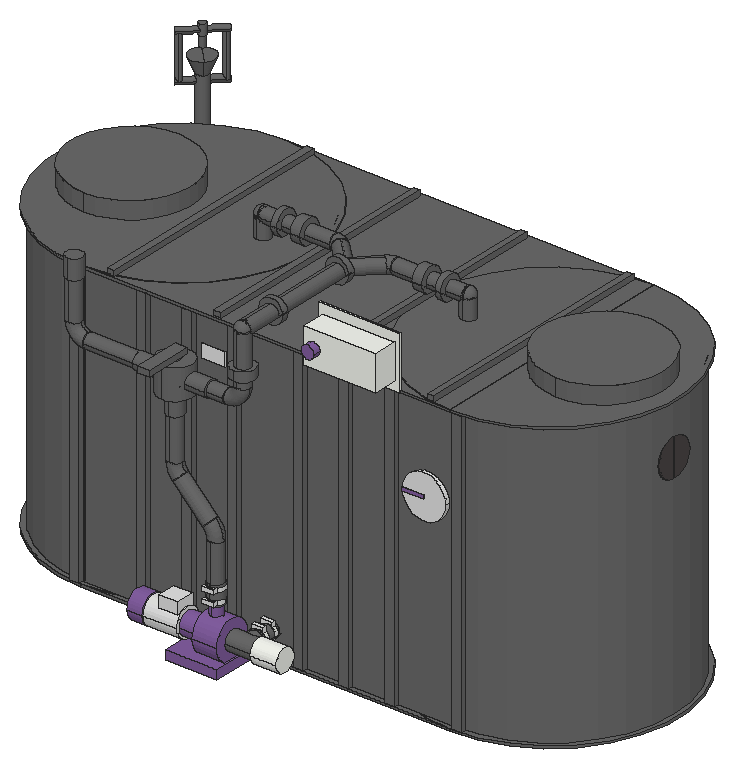
Revit family "93015.01_ms", category Generic Models, Revit 2021
Family settings
  Can host rebar = No
  Round Connector Dimension = Use Diameter
  Part Type = Normal
  Work Plane-Based = No
  Always vertical = Yes
  Cut with Voids When Loaded = No
  Shared = Yes
  Room Calculation Point = No
Parameters (values of type "93015.01_MS")
  SUPPLIER = "KESSEL"
  SA810ID03 = "93015.01/MS"
  SA71009ID06 = 3000 W
  SA71009ID05 = 3600 W
  SA71009ID04 = 2
  SA700ID17 = 1200 mm
  SA700ID14 = "ohne Angabe"
  SA700ID13 = 70 mm
  SA700ID09 = 1625 mm
  SA700ID08 = 1350 mm
  SA700ID07 = 3300 mm
  SA700ID06 = 1500
  SA700ID05 = 15
  SA700ID04 = "Grease separator EasyClean free NS 15, Mix & Pump"
  SA500ID03 = "Sludge trap, integrated"
  SA400ID03 = "PE (Polyethylen)"
  SA250ID03 = "temperierte Umhausung"
  SA200ID03 = "free-standing set-up"
  SA100ID04 = "Abscheideranlage für Fette (Schlammfang und Fettabscheider)"
  NN = "EasyClean free Mix & Pump grease separator"
  NBSYN = "$SA810ID03."
  NB = "93015.01/MS"
  Model = "93015.01/MS"
  Manufacturer = "KESSEL"
  MIdent = "{$CADENAS_DATA/23d-libs/kessel/kessel_vdi_import/40/abscheideranlage20fuer20fette/easyclean_free_mix_pump.prj},210 {STYP=ASS},{VTYP=3D},{NB=93015.01/MS},{LINA=93015.01/MS},{NN=EasyClean free Mix & Pump grease separator},{DATE=21.12.2022 12:04:43},{GEOMDATE=17.11.2022 09:57:07},{VERSION=},{LINEID=250},{WBVAR=},{WBNUMERIC=}  {NB=93015.01/MS},{LINA=93015.01/MS},{KT=DUMMY},{PREVIEW=../../bilder/pb_yy_9302001ms_7448.png},{SA700ID04=Fettabscheider EasyClean free NS 15, Mix & Pump},{SA810ID06=},{SA010ID04=KESSEL AG},{SA810ID03=93015.01/MS},{SA100ID04=Abscheideranlage für Fette (Schlammfang und Fettabscheider)},{SA200ID03=Freiaufstellung},{SA400ID03=PE (Polyethylen)},{SA500ID03=Schlammfang integriert},{SA700ID05=15.00},{SA700ID06=1500},{SA71009ID04=2},{SA71009ID05=3.60},{SA71009ID06=3.00},{SA250ID03=temperierte Umhausung},{SA700ID07=3300},{SA700ID09=1625},{SA700ID13=70},{SA700ID17=1200},{SA700ID08=1350},{SA810ID10=\\\"Der Abscheider für fetthaltiges Abwasser ist für die freie Aufstellung in frostgeschützten Räumen geeignet und verzichtet auf metallische Bauteile im Behälter. Der Sammelbehälter aus dauerhaft beständigem Kunststoff (PE) ist mit einem integrierten Schlammfang ausgestattet und besitzt Schrägen im Behälterboden für eine schnelle und saubere Entsorgung. Zwei geruchsdichte Deckel mit Schnellspannverschlüssen ermöglichen einen einfachen Zugang für Reinigungs- und Wartungsarbeiten.Das innovative Schredder-Mix-System mit integriertem Zerhacker übernimmt die Homogenisierung und Umwälzung des Behälterinhaltes. Die Reinigung und geruchsneutrale Entsorgung erfolgt dabei über eine außenliegende Pumpe mit 2-Wege-Ventil und Umschalthebel, die mit einem Absperrschieber vom Behälter getrennt werden kann.Die manuelle Steuerung erfolgt durch ein anwenderfreundliches Schaltgerät, das über einen potentialfreien Kontakt in die Gebäudeleittechnik eingebunden werden kann.Gewährleistung auf den Werkstoff PE 20 Jahre.Ausführung:Absperreinrichtung: jaEntsorgungsart: manuelles Entsorgungs- und ReinigungssystemEntsorgungseinrichtung: EntsorgungspumpeEntsorgungsvariante: Mix & PumpFülleinrichtung nach DIN 1988: jaNenngröße (NS): 15Schauglas: jaSchredder-Mix-System: jaSonicControl: neinWasserversorgung: 1 Schraubventil 1\\\"\\\"Tragfähigkeit (DIN 19901): F3Lieferumfang: Storz-B-Kupplung R 2 1/2 \\\"\\\" für SaugwagenanschlussEinbausituation: freie AufstellungAllgemeine Merkmale:Material: PENorm: EN 1825: 2004, DIN 4040-100Abmessungen:Aufstellfläche Länge: 3.560 mmAufstellfläche Breite: 1.620 mmAufstellfläche Höhe: 1.655 mmEinbringmaß Länge: 3.300 mmEinbringmaß Breite: 1.350 mmEinbringmaß Höhe: 1.625 mmBehälter/Grundkörper:Zulauf Nennweite (DN): 200 mmZulauf Nennweite (DA): 200 mmAuslauf Nennweite (DN): 200Auslauf Nennweite (DA): 200Abstand Rohrsohle Zulauf zu Behälterboden: 1.200 mmAbstand Rohrsohle Auslauf zu Behälterboden: 1.130 mmAnschluss Zu-/Auslaufstutzen: PE-HD-Rohre nach DIN 19537, HT-Rohre nach DIN 19560, PP oder ASDruckabgang (DA): 75 mmDruckabgang (DN): 65 mmNenndruck (PN): 10Abdeckungsmerkmale:Abdeckungsart: DeckelAbdeckung Material: KunststoffAbdeckung Farbe: schwarzDichtheit: geruchsdichtVerriegelung: SchnellspannverschlussAbwasserinhalt:Abscheiderinhalt: 1.100 lGesamtvolumen: 2.600 lSchlammfanginhalt: 1.500 lSpeichermenge an Fett: 600 lFördereinrichtung:Pumpe: SPF 300 KE 2.0Anzahl Pumpen: 2Förderhöhe max.: 17 mFörderleistung max.: 60 m3/hBetriebsspannung: 400 VNetzfrequenz: 50 HzBetriebsart: S2 - 30 Min.Leistung P1: 3,6 kWLeistung P2: 3 kWDrehzahl: 2.850 U/minErforderliche Absicherung (Leitungsschutz): Absicherung über Schaltgerät 400 VFörderguttemperatur (dauerhaft) max.: 40 °CAnschlusstyp: DirektanschlussGewicht: 44 kgLaufrad Typ: Radiallaufrad mit ZerhackerLänge Netzanschlussleitung Pumpe: 5 mNennstrom: 6,2 ASchutzart Pumpe: IP 55Schutzklasse: ITyp Anschlussleitung Pumpe: H07RN-F 7G 1,5 mm2Temperaturüberwachung: integriertSteuerung:Schaltgerät: jaBetriebsspannung: 400 VNetzfrequenz: 50 HzSelbstdiagnosesystem (SDS): jaBatteriepufferung: neinMehrzeilige Displayanzeige: neinLogbuchfunktion: neinUSB-Schnittstelle: neinGSM-Schnittstelle: neinPotentialfreier Kontakt: jaErforderliche Absicherung (Leitungsschutz): 3 x C 16 AErforderliche Absicherung (RCD): 30 mAMotorschutz Schalter: jaSchutzart Schaltgerät: IP 54\\\"},{SA700ID14=ohne Angabe},{LODLEVEL=0},{CATEGORY3AA=EasyClean free Auto Mix & Pump},{CATEGORY3AB=EasyClean free Mix & Pump},{CATEGORY3AC=},{CATEGORY3AD=},{CATEGORY3AE=},{CATEGORY3AF=},{BEZEICHNUNG=},{BREITE=0.0},{TIEFE=MIN},{HOEHE=MIN},{MASSE=MIN},{LOD_=0,'Low'},{LOD_DEU=0,'Low'},{LOD_3DB=93015.01/MS_0},{DNIN1=200},{DNIN2=10},{DNIN3=10},{DNIN4=10},{DNIN5=10},{DNIN6=10},{DNIN7=MIN},{DNOUT1=200},{DNOUT2=MIN},{ISD=100},{ISD2=10},{SA960ID03=104},{SA960ID04=3L},{SA960ID08=http://www.kessel.de/info?han=93015.01/MS},{SA010ID01=010},{SA010ID02=40},{SA010ID06=www.kessel.de},{SA010ID08=4026092000007},{SA100ID01=100},{SA100ID02=1},{SA740ID01=740},{SA200ID01=200},{SA200ID02=1},{SA250ID01=250},{SA250ID02=1},{SA400ID01=400},{SA400ID02=1},{SA500ID01=500},{SA500ID02=1},{SA700ID01=700},{SA700ID02=104},{SA700ID14_=0},{SA71009ID01=710.09},{SA71009ID02=1},{SA71009ID03=SPF 300 KE 2.0},{SA71009ID07=IP55},{SA71009ID08=1},{SA71009ID09=1},{SA71009ID10=60},{SA71009ID11=17},{SA810ID01=810},{SA810ID02=104},{SA810ID04=93015.01/MS},{SA810ID07=104},{SA810ID14=PCE},{LINK=http://www.kessel.de/info?han=93015.01/MS},{LINK_=http://www.kessel.de/info?han=93015.01/MS},{LINK_DEU=http://www.kessel.de/info?han=93015.01/MS},{LODLEVELVIS=Low}"
  LINK = "http://www.kessel.de/info?han=93015.01/MS"
  LINA = "93015.01/MS"
  Default Elevation = 0 mm
  CREATOR = "CADENAS GmbH"
  CATALOG = "KESSEL"
  BOMINFO = "LINA"
  ARTICLENO = "NB"
Reference planes
  plane 1 "Center (Front/Back)": y = 0
  plane 2: z = 0
  plane 3 "Center (Left/Right)": x = 0
Forms (mm)
  Extrusion 1, void
    sketch origin (665.75, 1782.7, 0) x (0, -0.57735, -0.816496) y (1, 0, 0)
      loop
        line (-0.5, -0.5) -> (0.5, -0.5) -> (0.5, 0.5) -> (-0.5, 0.5) -> (-0.5, -0.5)
    from 0 to 1
Dimensions and locks
  aligned and locked: level to plane 2
Nested families
  nested 1: "93015.01_ms_content" at (0, 0, 0), type "93015.01_MS_Content"
  nested 2: "93015.01_ms_part1_X0Y0" at (0, 0, 0), type "93015.01_MS_PART1_X0Y0"
Connectors
  piping at (-1625.5, 0, 1300), diameter 200
    settings: on nested 2, index 1, connector inside diameter 609.6 mm, connector length 0 mm, flow factor 0, pipe flow 0.0 L/s, pressure drop 0.0 Pa, fitting loss kfactor 0, connector angle 0.00°, fixture units 0, engagement length 0 mm, angle of deflection 0.00°, flow configuration 0, flow direction 1, fitting loss method 2, system type 8, joint type 0, gender type 0, connector reference index -1, connector utility 0, adjustable connector no, is connector primary yes, connector description ""
  piping at (-1405, 665.75, 1935.25), diameter 10
    settings: on nested 2, index 2, connector inside diameter 609.6 mm, connector length 0 mm, flow factor 0, pipe flow 0.0 L/s, pressure drop 0.0 Pa, fitting loss kfactor 0, connector angle 0.00°, fixture units 0, engagement length 0 mm, angle of deflection 0.00°, flow configuration 0, flow direction 1, fitting loss method 2, system type 8, joint type 0, gender type 0, connector reference index -1, connector utility 0, adjustable connector no, is connector primary no, connector description ""
  piping at (665.75, 1782.7, 0), diameter 10
    settings: on Extrusion 1, index 3, connector inside diameter 609.6 mm, connector length 0 mm, flow factor 0, pipe flow 0.0 L/s, pressure drop 0.0 Pa, fitting loss kfactor 0, connector angle 0.00°, fixture units 0, engagement length 0 mm, angle of deflection 0.00°, flow configuration 0, flow direction 1, fitting loss method 2, system type 8, joint type 0, gender type 0, connector reference index -1, connector utility 0, adjustable connector no, is connector primary no, connector description ""
  piping at (1625.5, 0, 1230), diameter 200
    settings: on nested 2, index 4, connector inside diameter 609.6 mm, connector length 0 mm, flow factor 0, pipe flow 0.0 L/s, pressure drop 0.0 Pa, fitting loss kfactor 0, connector angle 0.00°, fixture units 0, engagement length 0 mm, angle of deflection 0.00°, flow configuration 0, flow direction 2, fitting loss method 2, system type 7, joint type 0, gender type 0, connector reference index -1, connector utility 0, adjustable connector no, is connector primary no, connector description ""
  electrical at (-353.5, -823.5, 248.5)
    settings: on nested 2, index 5, voltage 0 V, apparent load 0 VA, apparent load phase1 0 VA, apparent load phase2 0 VA, apparent load phase3 0 VA, power factor 1, load classification "Other", number of poles 1, system type 31, power factor state 1, is connector primary yes, connector utility no, sub classification motor no, connector description ""
Definition of nested family "93015.01_ms_part1_X0Y0"
  Parameters (values of type "93015.01_MS_PART1_X0Y0")
    SUPPLIER = "KESSEL"
    SA810ID03 = "93015.01/MS"
    SA71009ID06 = 3000 W
    SA71009ID05 = 3600 W
    SA71009ID04 = 2
    SA700ID17 = 1200 mm
    SA700ID14 = "ohne Angabe"
    SA700ID13 = 70 mm
    SA700ID09 = 1625 mm
    SA700ID08 = 1350 mm
    SA700ID07 = 3300 mm
    SA700ID06 = 1500
    SA700ID05 = 15
    SA700ID04 = "Grease separator EasyClean free NS 15, Mix & Pump"
    SA500ID03 = "Sludge trap, integrated"
    SA400ID03 = "PE (Polyethylen)"
    SA250ID03 = "temperierte Umhausung"
    SA200ID03 = "free-standing set-up"
    SA100ID04 = "Abscheideranlage für Fette (Schlammfang und Fettabscheider)"
    NBSYN = "$SA810ID03._PART1"
    NB = "93015.01/MS_PART1"
    Model = "93015.01/MS_PART1"
    Manufacturer = "KESSEL"
    MIdent = "{$CADENAS_DATA/23d-libs/kessel/kessel_vdi_import/40/abscheideranlage20fuer20fette/easyclean_free_mix_pump.prj},230 {VTYP=3D},{NB=93015.01/MS_PART1},{LINA=93015.01/MS_PART1},{NN=EasyClean free Mix & Pump grease separator_PART1},{NOPRJ=TRUE},{DATE=21.12.2022 12:04:43},{GEOMDATE=17.11.2022 09:57:07},{VERSION=},{LINEID=250},{WBVAR=},{WBNUMERIC=}  {NB=93015.01/MS_PART1},{LINA=93015.01/MS_PART1},{KT=DUMMY},{PREVIEW=../../bilder/pb_yy_9302001ms_7448.png},{SA700ID04=Fettabscheider EasyClean free NS 15, Mix & Pump},{SA810ID06=},{SA010ID04=KESSEL AG},{SA810ID03=93015.01/MS},{SA100ID04=Abscheideranlage für Fette (Schlammfang und Fettabscheider)},{SA200ID03=Freiaufstellung},{SA400ID03=PE (Polyethylen)},{SA500ID03=Schlammfang integriert},{SA700ID05=15.00},{SA700ID06=1500},{SA71009ID04=2},{SA71009ID05=3.60},{SA71009ID06=3.00},{SA250ID03=temperierte Umhausung},{SA700ID07=3300},{SA700ID09=1625},{SA700ID13=70},{SA700ID17=1200},{SA700ID08=1350},{SA810ID10=\\\"Der Abscheider für fetthaltiges Abwasser ist für die freie Aufstellung in frostgeschützten Räumen geeignet und verzichtet auf metallische Bauteile im Behälter. Der Sammelbehälter aus dauerhaft beständigem Kunststoff (PE) ist mit einem integrierten Schlammfang ausgestattet und besitzt Schrägen im Behälterboden für eine schnelle und saubere Entsorgung. Zwei geruchsdichte Deckel mit Schnellspannverschlüssen ermöglichen einen einfachen Zugang für Reinigungs- und Wartungsarbeiten.Das innovative Schredder-Mix-System mit integriertem Zerhacker übernimmt die Homogenisierung und Umwälzung des Behälterinhaltes. Die Reinigung und geruchsneutrale Entsorgung erfolgt dabei über eine außenliegende Pumpe mit 2-Wege-Ventil und Umschalthebel, die mit einem Absperrschieber vom Behälter getrennt werden kann.Die manuelle Steuerung erfolgt durch ein anwenderfreundliches Schaltgerät, das über einen potentialfreien Kontakt in die Gebäudeleittechnik eingebunden werden kann.Gewährleistung auf den Werkstoff PE 20 Jahre.Ausführung:Absperreinrichtung: jaEntsorgungsart: manuelles Entsorgungs- und ReinigungssystemEntsorgungseinrichtung: EntsorgungspumpeEntsorgungsvariante: Mix & PumpFülleinrichtung nach DIN 1988: jaNenngröße (NS): 15Schauglas: jaSchredder-Mix-System: jaSonicControl: neinWasserversorgung: 1 Schraubventil 1\\\"\\\"Tragfähigkeit (DIN 19901): F3Lieferumfang: Storz-B-Kupplung R 2 1/2 \\\"\\\" für SaugwagenanschlussEinbausituation: freie AufstellungAllgemeine Merkmale:Material: PENorm: EN 1825: 2004, DIN 4040-100Abmessungen:Aufstellfläche Länge: 3.560 mmAufstellfläche Breite: 1.620 mmAufstellfläche Höhe: 1.655 mmEinbringmaß Länge: 3.300 mmEinbringmaß Breite: 1.350 mmEinbringmaß Höhe: 1.625 mmBehälter/Grundkörper:Zulauf Nennweite (DN): 200 mmZulauf Nennweite (DA): 200 mmAuslauf Nennweite (DN): 200Auslauf Nennweite (DA): 200Abstand Rohrsohle Zulauf zu Behälterboden: 1.200 mmAbstand Rohrsohle Auslauf zu Behälterboden: 1.130 mmAnschluss Zu-/Auslaufstutzen: PE-HD-Rohre nach DIN 19537, HT-Rohre nach DIN 19560, PP oder ASDruckabgang (DA): 75 mmDruckabgang (DN): 65 mmNenndruck (PN): 10Abdeckungsmerkmale:Abdeckungsart: DeckelAbdeckung Material: KunststoffAbdeckung Farbe: schwarzDichtheit: geruchsdichtVerriegelung: SchnellspannverschlussAbwasserinhalt:Abscheiderinhalt: 1.100 lGesamtvolumen: 2.600 lSchlammfanginhalt: 1.500 lSpeichermenge an Fett: 600 lFördereinrichtung:Pumpe: SPF 300 KE 2.0Anzahl Pumpen: 2Förderhöhe max.: 17 mFörderleistung max.: 60 m3/hBetriebsspannung: 400 VNetzfrequenz: 50 HzBetriebsart: S2 - 30 Min.Leistung P1: 3,6 kWLeistung P2: 3 kWDrehzahl: 2.850 U/minErforderliche Absicherung (Leitungsschutz): Absicherung über Schaltgerät 400 VFörderguttemperatur (dauerhaft) max.: 40 °CAnschlusstyp: DirektanschlussGewicht: 44 kgLaufrad Typ: Radiallaufrad mit ZerhackerLänge Netzanschlussleitung Pumpe: 5 mNennstrom: 6,2 ASchutzart Pumpe: IP 55Schutzklasse: ITyp Anschlussleitung Pumpe: H07RN-F 7G 1,5 mm2Temperaturüberwachung: integriertSteuerung:Schaltgerät: jaBetriebsspannung: 400 VNetzfrequenz: 50 HzSelbstdiagnosesystem (SDS): jaBatteriepufferung: neinMehrzeilige Displayanzeige: neinLogbuchfunktion: neinUSB-Schnittstelle: neinGSM-Schnittstelle: neinPotentialfreier Kontakt: jaErforderliche Absicherung (Leitungsschutz): 3 x C 16 AErforderliche Absicherung (RCD): 30 mAMotorschutz Schalter: jaSchutzart Schaltgerät: IP 54\\\"},{SA700ID14=ohne Angabe},{LODLEVEL=0},{CATEGORY3AA=EasyClean free Auto Mix & Pump},{CATEGORY3AB=EasyClean free Mix & Pump},{CATEGORY3AC=},{CATEGORY3AD=},{CATEGORY3AE=},{CATEGORY3AF=},{BEZEICHNUNG=},{BREITE=0.0},{TIEFE=MIN},{HOEHE=MIN},{MASSE=MIN},{LOD_=0,'Low'},{LOD_DEU=0,'Low'},{LOD_3DB=93015.01/MS_0},{DNIN1=200},{DNIN2=10},{DNIN3=10},{DNIN4=10},{DNIN5=10},{DNIN6=10},{DNIN7=MIN},{DNOUT1=200},{DNOUT2=MIN},{ISD=100},{ISD2=10},{SA960ID03=104},{SA960ID04=3L},{SA960ID08=http://www.kessel.de/info?han=93015.01/MS},{SA010ID01=010},{SA010ID02=40},{SA010ID06=www.kessel.de},{SA010ID08=4026092000007},{SA100ID01=100},{SA100ID02=1},{SA740ID01=740},{SA200ID01=200},{SA200ID02=1},{SA250ID01=250},{SA250ID02=1},{SA400ID01=400},{SA400ID02=1},{SA500ID01=500},{SA500ID02=1},{SA700ID01=700},{SA700ID02=104},{SA700ID14_=0},{SA71009ID01=710.09},{SA71009ID02=1},{SA71009ID03=SPF 300 KE 2.0},{SA71009ID07=IP55},{SA71009ID08=1},{SA71009ID09=1},{SA71009ID10=60},{SA71009ID11=17},{SA810ID01=810},{SA810ID02=104},{SA810ID04=93015.01/MS},{SA810ID07=104},{SA810ID14=PCE},{LINK=http://www.kessel.de/info?han=93015.01/MS},{LINK_=http://www.kessel.de/info?han=93015.01/MS},{LINK_DEU=http://www.kessel.de/info?han=93015.01/MS},{LODLEVELVIS=Low}"
    LINK = "http://www.kessel.de/info?han=93015.01/MS"
    LINA = "93015.01/MS_PART1"
    Default Elevation = 1219.2 mm
    CREATOR = "CADENAS GmbH"
    CATALOG = "KESSEL"
    BOMINFO = "LINA"
    ARTICLENO = "NB"
  Reference planes
    plane 1 "Center (Front/Back)": y = 0
    plane 2: z = 0
    plane 3 "Center (Left/Right)": x = 0
  Dimensions and locks
    aligned and locked: level to plane 2
  Nested families
    nested 1: "93015.01_ms_part1_content" at (0, 0, 0), type "93015.01_MS_PART1_Content"
  Definition of nested family "93015.01_ms_part1_content"
    Parameters (values of type "93015.01_MS_PART1_Content")
      SUPPLIER = "KESSEL"
      SA810ID03 = "93015.01/MS"
      SA71009ID06 = 3000 W
      SA71009ID05 = 3600 W
      SA71009ID04 = 2
      SA700ID17 = 1200 mm
      SA700ID14 = "ohne Angabe"
      SA700ID13 = 70 mm
      SA700ID09 = 1625 mm
      SA700ID08 = 1350 mm
      SA700ID07 = 3300 mm
      SA700ID06 = 1500
      SA700ID05 = 15
      SA700ID04 = "Grease separator EasyClean free NS 15, Mix & Pump"
      SA500ID03 = "Sludge trap, integrated"
      SA400ID03 = "PE (Polyethylen)"
      SA250ID03 = "temperierte Umhausung"
      SA200ID03 = "free-standing set-up"
      SA100ID04 = "Abscheideranlage für Fette (Schlammfang und Fettabscheider)"
      NBSYN = "$SA810ID03._PART1"
      NB = "93015.01/MS_PART1"
      Model = "93015.01/MS_PART1"
      Manufacturer = "KESSEL"
      LINK = "http://www.kessel.de/info?han=93015.01/MS"
      LINA = "93015.01/MS_PART1"
      Default Elevation = 1219.2 mm
      CREATOR = "CADENAS GmbH"
      CATALOG = "KESSEL"
      BOMINFO = "LINA"
      ARTICLENO = "NB"
    Reference planes
      plane 1 "Center (Front/Back)": y = 0
      plane 2: z = 0
      plane 3 "Center (Left/Right)": x = 0
    Forms (mm)
      Extrusion 1, solid, detail levels medium+fine
        sketch origin (975, 675, 0) x (0, -1, 0) y (0, 0, 1)
          loop
            line (0, 12) -> (0, 0) -> (1350, 0) -> (1350, 12) -> (0, 12)
        from 0 to 1950
      Extrusion 2, solid, detail levels medium+fine
        sketch origin (975, 650, 12) x (0, -1, 0) y (0, 0, 1)
          loop
            line (0, 1500) -> (0, 0) -> (1300, 0) -> (1300, 1500) -> (0, 1500)
        from 0 to 1950
      Extrusion 3, solid, detail levels medium+fine
        sketch origin (150, -675, 12) x (0, 1, 0) y (0, 0, 1)
          loop
            line (0, 1500) -> (0, 0) -> (25, 0) -> (25, 1500) -> (0, 1500)
        from 0 to 50
      Extrusion 4, solid, detail levels medium+fine
        sketch origin (-150, -650, 12) x (0, -1, 0) y (0, 0, 1)
          loop
            line (0, 1500) -> (0, 0) -> (25, 0) -> (25, 1500) -> (0, 1500)
        from 0 to 50
      Extrusion 5, solid, detail levels medium+fine
        sketch origin (150, 650, 12) x (0, 1, 0) y (0, 0, 1)
          loop
            line (0, 1500) -> (0, 0) -> (25, 0) -> (25, 1500) -> (0, 1500)
        from 0 to 50
      Extrusion 6, solid, detail levels medium+fine
        sketch origin (-150, 675, 12) x (0, -1, 0) y (0, 0, 1)
          loop
            line (0, 1500) -> (0, 0) -> (25, 0) -> (25, 1500) -> (0, 1500)
        from 0 to 50
      Extrusion 7, solid, detail levels medium+fine
        sketch origin (975, 675, 1512) x (0, -1, 0) y (0, 0, 1)
          loop
            line (0, 12) -> (0, 0) -> (1350, 0) -> (1350, 12) -> (0, 12)
        from 0 to 1950
      Extrusion 8, solid, detail levels medium+fine
        sketch origin (-282.5, -660, 1549) x (1, 0, 0) y (0, -1, 0)
          loop
            line (35, 0) -> (0, 0) -> (0, -1320) -> (35, -1320) -> (35, 0)
        from 0 to 35
      Extrusion 9, solid, detail levels medium+fine
        sketch origin (282.5, -660, 1549) x (1, 0, 0) y (0, -1, 0)
          loop
            line (35, 0) -> (0, 0) -> (0, -1320) -> (35, -1320) -> (35, 0)
        from 0 to 35
      Extrusion 10, solid, detail levels medium+fine
        sketch origin (543.5, -11.7, 1629.098) x (1, 0, 0) y (0, -1, 0)
          loop
            circle (0, 0) r 37.5
        from 0 to 120
      Revolve 11, solid, detail levels medium+fine
        sketch origin (543.5, -11.7, 1629) x (0, 1, 0) y (0, 0, 1)
          loop
            line (0, 37.6) -> (0, -37.6)
            arc (0, -37.6) -> (37.6, 0) -> (0, 37.6) r 37.6
          axis (0, -37.6) -> (0, 37.6)
        angle from -360 to 0
      Extrusion 12, solid, detail levels medium+fine
        sketch origin (161.5, -11.7, 1629) x (0, 1, 0) y (0, 0, 1)
          loop
            circle (0, 0) r 38
        from 0 to 382.5
      Extrusion 13, solid, detail levels medium+fine
        sketch origin (297.5, -11.779, 1629.098) x (0, 1, 0) y (0, 0, 1)
          loop
            circle (0, 0) r 62.5
        from 0 to 50
      Extrusion 14, solid, detail levels medium+fine
        sketch origin (420.073, -11.779, 1629.098) x (0, 1, 0) y (0, 0, 1)
          loop
            circle (0, 0) r 62.5
        from 0 to 30
      Extrusion 15, solid, detail levels medium+fine
        sketch origin (975, 0, 1512) x (0, 1, 0) y (-1, 0, 0)
          loop
            circle (0, 0) r 675
        from 0 to 12
      Extrusion 16, solid, detail levels medium+fine
        sketch origin (847.5, -660, 1549) x (1, 0, 0) y (0, -1, 0)
          loop
            line (35, 0) -> (0, 0) -> (0, -1320) -> (35, -1320) -> (35, 0)
        from 0 to 35
      Extrusion 17, solid, detail levels medium+fine
        sketch origin (1250, 0, 1524) x (0, 1, 0) y (-1, 0, 0)
          loop
            circle (0, 0) r 315
        from 0 to 90.5
      Extrusion 18, solid, detail levels medium+fine
        sketch origin (-543.574, -11.779, 1630.932) x (1, 0, 0) y (0, -1, 0)
          loop
            circle (0, 0) r 37.5
        from 0 to 119
      Revolve 19, solid, detail levels medium+fine
        sketch origin (-543.574, -11.779, 1630.932) x (0, 1, 0) y (0, 0, -1)
          loop
            line (0, 37.5) -> (0, -37.5)
            arc (0, -37.5) -> (37.5, 0) -> (0, 37.5) r 37.5
          axis (0, -37.5) -> (0, 37.5)
        angle from -360 to 0
      Extrusion 20, solid, detail levels medium+fine
        sketch origin (-161.574, -11.779, 1630.932) x (0, 1, 0) y (0, 0, -1)
          loop
            circle (0, 0) r 37.5
        from 0 to 382
      Extrusion 21, solid, detail levels medium+fine
        sketch origin (-297.5, -11.779, 1630.932) x (0, 1, 0) y (0, 0, -1)
          loop
            circle (0, 0) r 62.5
        from 0 to 50
      Extrusion 22, solid, detail levels medium+fine
        sketch origin (-420.074, -11.779, 1630.932) x (0, 1, 0) y (0, 0, -1)
          loop
            circle (0, 0) r 62.5
        from 0 to 30
      Extrusion 23, solid, detail levels medium+fine
        sketch origin (-975, 0, 1512) x (0, 1, 0) y (-1, 0, 0)
          loop
            circle (0, 0) r 675
        from 0 to 12
      Extrusion 24, solid, detail levels medium+fine
        sketch origin (-847.5, -660, 1549) x (1, 0, 0) y (0, -1, 0)
          loop
            line (35, 0) -> (0, 0) -> (0, -1320) -> (35, -1320) -> (35, 0)
        from 0 to 35
      Extrusion 25, solid, detail levels medium+fine
        sketch origin (-1250, 0, 1524) x (0, 1, 0) y (-1, 0, 0)
          loop
            circle (0, 0) r 315
        from 0 to 90.5
      Extrusion 26, solid, detail levels medium+fine
        sketch origin (975, 0, 12) x (0, 1, 0) y (-1, 0, 0)
          loop
            circle (0, 0) r 650
        from 0 to 1500
      Extrusion 27, solid, detail levels medium+fine
        sketch origin (987, -674, 12) x (0, 1, 0) y (0, 0, 1)
          loop
            line (0, 1500) -> (0, 0) -> (25, 0) -> (25, 1500) -> (0, 1500)
        from 0 to 50
      Extrusion 28, solid, detail levels medium+fine
        sketch origin (987, 651, 12) x (0, 1, 0) y (0, 0, 1)
          loop
            line (0, 1500) -> (0, 0) -> (25, 0) -> (25, 1500) -> (0, 1500)
        from 0 to 50
      Extrusion 29, solid, detail levels medium+fine
        sketch origin (633, -675, 12) x (0, 1, 0) y (0, 0, 1)
          loop
            line (0, 1500) -> (0, 0) -> (25, 0) -> (25, 1500) -> (0, 1500)
        from 0 to 50
      Extrusion 30, solid, detail levels medium+fine
        sketch origin (633, 650, 12) x (0, 1, 0) y (0, 0, 1)
          loop
            line (0, 1500) -> (0, 0) -> (25, 0) -> (25, 1500) -> (0, 1500)
        from 0 to 50
      Extrusion 31, solid, detail levels medium+fine
        sketch origin (837, -650, 1060) x (1, 0, 0) y (0, 0, 1)
          loop
            circle (0, 0) r 115
        from 0 to 20
      Extrusion 32, solid, detail levels medium+fine
        sketch origin (837, -670, 1050) x (0, -1, 0) y (0, 0, 1)
          loop
            line (0, 20) -> (0, 0) -> (5, 0) -> (5, 20) -> (0, 20)
        from 0 to 115
      Extrusion 33, solid, detail levels medium+fine
        sketch origin (975, 0, 0) x (0, 1, 0) y (-1, 0, 0)
          loop
            circle (0, 0) r 675
        from 0 to 12
      Extrusion 34, solid, detail levels medium+fine
        sketch origin (-975, 0, 12) x (0, 1, 0) y (-1, 0, 0)
          loop
            circle (0, 0) r 650
        from 0 to 1500
      Extrusion 35, solid, detail levels medium+fine
        sketch origin (-987, -651, 12) x (0, -1, 0) y (0, 0, 1)
          loop
            line (0, 1500) -> (0, 0) -> (25, 0) -> (25, 1500) -> (0, 1500)
        from 0 to 50
      Extrusion 36, solid, detail levels medium+fine
        sketch origin (-987, 674, 12) x (0, -1, 0) y (0, 0, 1)
          loop
            line (0, 1500) -> (0, 0) -> (25, 0) -> (25, 1500) -> (0, 1500)
        from 0 to 50
      Extrusion 37, solid, detail levels medium+fine
        sketch origin (-633, -650, 12) x (0, -1, 0) y (0, 0, 1)
          loop
            line (0, 1500) -> (0, 0) -> (25, 0) -> (25, 1500) -> (0, 1500)
        from 0 to 50
      Extrusion 38, solid, detail levels medium+fine
        sketch origin (-633, 675, 12) x (0, -1, 0) y (0, 0, 1)
          loop
            line (0, 1500) -> (0, 0) -> (25, 0) -> (25, 1500) -> (0, 1500)
        from 0 to 50
      Extrusion 39, solid, detail levels medium+fine
        sketch origin (-975, 0, 0) x (0, 1, 0) y (-1, 0, 0)
          loop
            circle (0, 0) r 675
        from 0 to 12
      Extrusion 40, solid, detail levels medium+fine
        sketch origin (491.5, -663, 1477) x (0, 1, 0) y (0, 0, 1)
          loop
            line (0, 180) -> (0, 0) -> (100, 0) -> (100, 180) -> (0, 180)
        from 0 to 12
      Extrusion 41, solid, detail levels medium+fine
        sketch origin (710, -663, 1511) x (0, -1, 0) y (0, 0, 1)
          loop
            line (0, 280) -> (0, 0) -> (12.2, 0) -> (12.2, 280) -> (0, 280)
        from 0 to 425
      Extrusion 42, solid, detail levels medium+fine
        sketch origin (686.5, -675, 1560) x (0, -1, 0) y (0, 0, 1)
          loop
            line (0, 183) -> (0, 0) -> (129.5, 0) -> (129.5, 183) -> (0, 183)
        from 0 to 378
      Extrusion 43, solid, detail levels medium+fine
        sketch origin (403.5, -742.5, 1538) x (0, 1, 0) y (-1, 0, 0)
          loop
            circle (0, 0) r 15
        from 0 to 22
      Extrusion 44, solid, detail levels medium+fine
        sketch origin (358.5, -804.5, 1651.5) x (1, 0, 0) y (0, 0, 1)
          loop
            circle (0, 0) r 33.5
        from 0 to 36
      Extrusion 45, solid, detail levels medium+fine
        sketch origin (358.5, -742.5, 1538) x (0, 1, 0) y (-1, 0, 0)
          loop
            circle (0, 0) r 15
        from 0 to 22
      Extrusion 46, solid, detail levels medium+fine
        sketch origin (390, -675, 12) x (0, 1, 0) y (0, 0, 1)
          loop
            line (0, 1500) -> (0, 0) -> (25, 0) -> (25, 1500) -> (0, 1500)
        from 0 to 50
      Extrusion 47, solid, detail levels medium+fine
        sketch origin (-390, -650, 12) x (0, -1, 0) y (0, 0, 1)
          loop
            line (0, 1500) -> (0, 0) -> (25, 0) -> (25, 1500) -> (0, 1500)
        from 0 to 50
      Extrusion 48, solid, detail levels medium+fine
        sketch origin (390, 650, 12) x (0, 1, 0) y (0, 0, 1)
          loop
            line (0, 1500) -> (0, 0) -> (25, 0) -> (25, 1500) -> (0, 1500)
        from 0 to 50
      Extrusion 49, solid, detail levels medium+fine
        sketch origin (-390, 675, 12) x (0, -1, 0) y (0, 0, 1)
          loop
            line (0, 1500) -> (0, 0) -> (25, 0) -> (25, 1500) -> (0, 1500)
        from 0 to 50
      Extrusion 50, solid, detail levels medium+fine
        sketch origin (1605, 0, 1230) x (0, 1, 0) y (0, 0, 1)
          loop
            circle (0, 0) r 100
        from 0 to 20.5
      Extrusion 51, solid, detail levels medium+fine
        sketch origin (-1422.324, 744.592, 1291.3) x (0.707107, -0.707107, 0) y (0, 0, 1)
          loop
            line (0, 29.3) -> (0, 0) -> (220, 0) -> (220, 29.3) -> (0, 29.3)
        from 0 to 88
      Extrusion 52, solid, detail levels medium+fine
        sketch origin (-1405, 665.75, 1175.1) x (-0.707107, -0.707107, 0) y (0.707107, -0.707107, 0)
          loop
            circle (0, 0) r 31.5
        from 0 to 526.6
      Extrusion 53, solid, detail levels medium+fine
        sketch origin (-1324.076, 747.382, 1666.416) x (0.707107, -0.707107, 0) y (0, 0, 1)
          loop
            circle (0, 0) r 15
        from 0 to 230
      Extrusion 54, solid, detail levels medium+fine
        sketch origin (-1476.1, 595.3, 1905.4) x (-0.707107, -0.707107, 0) y (-0.707107, 0.707107, 0)
          loop
            circle (0, 0) r 15
        from 0 to 239
      Revolve 55, solid, detail levels medium+fine
        sketch origin (-1405, 665.75, 1701.7) x (0, 0, 1) y (0.707107, -0.707107, 0)
          loop
            line (0, 0) -> (81, 0) -> (81, 65) -> (0, 31) -> (0, 0)
          axis (81, 0) -> (0, 0)
        angle from -360 to 0
      Extrusion 56, solid, detail levels medium+fine
        sketch origin (-1334.6, 736.8, 1905.4) x (-0.707107, -0.707107, 0) y (-0.707107, 0.707107, 0)
          loop
            circle (0, 0) r 15
        from 0 to 239
      Extrusion 57, solid, detail levels medium+fine
        sketch origin (-1324, 747.4, 1905.2) x (0.707107, -0.707107, 0) y (0, 0, 1)
          loop
            circle (0, 0) r 15.2
        from 0 to 230
      Extrusion 58, solid, detail levels medium+fine
        sketch origin (-1405, 665.75, 1883.25) x (-0.707107, -0.707107, 0) y (0.707107, -0.707107, 0)
          loop
            circle (0, 0) r 19.25
        from 0 to 52
      Extrusion 59, solid, detail levels medium+fine
        sketch origin (-1405, 665.75, 1825.25) x (-0.707107, -0.707107, 0) y (0.707107, -0.707107, 0)
          loop
            circle (0, 0) r 14
        from 0 to 58
      Revolve 60, solid, detail levels medium+fine
        sketch origin (-1542.886, 527.864, 1175.1) x (0.707107, -0.707107, 0) y (0.707107, 0.707107, 0)
          loop
            circle (0, 0) r 31.5
          axis (0, 97.5) -> (-1, 97.5)
        angle from 0 to 180
      Extrusion 61, solid, detail levels medium+fine
        sketch origin (-1542.886, 527.864, 1260.6) x (-0.707107, 0.707107, 0) y (0.707107, 0.707107, 0)
          loop
            circle (0, 0) r 31.5
        from 0 to 85.5
      Extrusion 62, solid, detail levels medium+fine
        sketch origin (-1605, 0, 1300) x (0, -1, 0) y (0, 0, 1)
          loop
            circle (0, 0) r 100
        from 0 to 20.5
      Extrusion 63, solid, detail levels medium+fine
        sketch origin (-1500.459, 485.438, 1320.6) x (0, 0, -1) y (0.707107, 0.707107, 0)
          loop
            circle (0, 0) r 31.5
        from 0 to 73
      Revolve 64, solid, detail levels medium+fine
        sketch origin (-1500.459, 485.438, 1320.6) x (0, 0, -1) y (-0.707106, -0.707107, 0)
          loop
            circle (0, 0) r 31.5
          axis (60, 0) -> (60, -1)
        angle from -90 to 0
      Extrusion 65, solid, detail levels medium+fine
        sketch origin (-350, -655, 1295) x (0, 1, 0) y (0, 0, 1)
          loop
            line (0, 70) -> (0, 0) -> (5, 0) -> (5, 70) -> (0, 70)
        from 0 to 120
      Extrusion 66, solid, detail levels medium+fine
        sketch origin (13.25, -823, 135) x (-1, 0, 0) y (0, 0, 1)
          loop
            circle (0, 0) r 40
        from 0 to 196
      Extrusion 67, solid, detail levels medium+fine
        sketch origin (13.25, -724.5, 135) x (0, 0, -1) y (1, 0, 0)
          loop
            circle (0, 0) r 45
        from 0 to 20
      Extrusion 68, solid, detail levels medium+fine
        sketch origin (13.25, -654.5, 135) x (0, 0, -1) y (1, 0, 0)
          loop
            circle (0, 0) r 42
        from 0 to 100
      Extrusion 69, solid, detail levels medium+fine
        sketch origin (13.25, -664.5, 135) x (0, 0, -1) y (1, 0, 0)
          loop
            circle (0, 0) r 45
        from 0 to 20
      Extrusion 70, solid, detail levels medium+fine
        sketch origin (43.25, -744.5, 166) x (0, 1, 0) y (-1, 0, 0)
          loop
            line (0, 60) -> (0, 0) -> (20, 0) -> (20, 60) -> (0, 60)
        from 0 to 25
      Extrusion 71, solid, detail levels medium+fine
        sketch origin (43.25, -684.5, 166) x (0, 1, 0) y (-1, 0, 0)
          loop
            line (0, 60) -> (0, 0) -> (20, 0) -> (20, 60) -> (0, 60)
        from 0 to 25
      Extrusion 72, solid, detail levels medium+fine
        sketch origin (-59, -823, 135) x (0, 1, 0) y (0, 0, 1)
          loop
            circle (0, 0) r 50
        from 0 to 144.5
      Extrusion 73, solid, detail levels medium+fine
        sketch origin (-188.5, -823, 135) x (0, 1, 0) y (0, 0, 1)
          loop
            circle (0, 0) r 101
        from 0 to 129.5
      Extrusion 74, solid, detail levels medium+fine
        sketch origin (-141.5, -823, 284) x (-1, 0, 0) y (0, 1, 0)
          loop
            circle (0, 0) r 31.5
        from 0 to 149
      Extrusion 75, solid, detail levels medium+fine
        sketch origin (-293.5, -823, 135) x (0, 1, 0) y (0, 0, 1)
          loop
            circle (0, 0) r 60
        from 0 to 105
      Extrusion 76, solid, detail levels medium+fine
        sketch origin (-44, -709, 0) x (0, -1, 0) y (0, 0, 1)
          loop
            line (0, 48) -> (0, 0) -> (230, 0) -> (230, 48) -> (0, 48)
        from 0 to 272
      Extrusion 77, solid, detail levels medium+fine
        sketch origin (-141.5, -823, 284) x (0, 1, 0) y (-1, 0, 0)
          loop
            circle (0, 0) r 42
        from 0 to 100
      Extrusion 78, solid, detail levels medium+fine
        sketch origin (-141.5, -823, 294) x (0, 1, 0) y (-1, 0, 0)
          loop
            circle (0, 0) r 45
        from 0 to 20
      Extrusion 79, solid, detail levels medium+fine
        sketch origin (-141.5, -823, 354) x (0, 1, 0) y (-1, 0, 0)
          loop
            circle (0, 0) r 45
        from 0 to 20
      Extrusion 80, solid, detail levels medium+fine
        sketch origin (-171.5, -854, 314) x (0, 0, -1) y (1, 0, 0)
          loop
            line (0, 60) -> (0, 0) -> (20, 0) -> (20, 60) -> (0, 60)
        from 0 to 25
      Extrusion 81, solid, detail levels medium+fine
        sketch origin (-173, -853, 372.5) x (0, 0, -1) y (1, 0, 0)
          loop
            line (0, 60) -> (0, 0) -> (20, 0) -> (20, 60) -> (0, 60)
        from 0 to 25
      Extrusion 82, solid, detail levels medium+fine
        sketch origin (85.5, -823, 135) x (0, 1, 0) y (0, 0, 1)
          loop
            circle (0, 0) r 58.5
        from 0 to 135.5
      Extrusion 83, solid, detail levels medium+fine
        sketch origin (-474.5, -823, 135) x (0, 1, 0) y (0, 0, 1)
          loop
            circle (0, 0) r 73.6
        from 0 to 181
      Extrusion 84, solid, detail levels medium+fine
        sketch origin (-403.5, -873.5, 188.5) x (0, 1, 0) y (0, 0, 1)
          loop
            line (0, 60) -> (0, 0) -> (100, 0) -> (100, 60) -> (0, 60)
        from 0 to 100
      Extrusion 85, solid, detail levels medium+fine
        sketch origin (-554.5, -823, 135) x (0, 1, 0) y (0, 0, 1)
          loop
            circle (0, 0) r 73.6
        from 0 to 80
      Extrusion 86, solid, detail levels medium+fine
        sketch origin (-141.5, -823, 384) x (0, 1, 0) y (-1, 0, 0)
          loop
            circle (0, 0) r 37.5
        from 0 to 201
      Revolve 87, solid, detail levels medium+fine
        sketch origin (-141.5, -823, 585) x (-1, 0, 0) y (0, -1, 0)
          loop
            circle (0, 0) r 37.5
          axis (100, 0) -> (100, -1)
        angle from -45 to 0
      Extrusion 88, solid, detail levels medium+fine
        sketch origin (-170.789, -823, 655.711) x (0.5, 0.707107, 0.5) y (-0.5, 0.707107, -0.5)
          loop
            circle (0, 0) r 37.6
        from 0 to 225.2
      Revolve 89, solid, detail levels medium+fine
        sketch origin (-329.8, -823, 814.8) x (0.707107, 0, 0.707107) y (0, 1, 0)
          loop
            circle (0, 0) r 37.5
          axis (100, 0) -> (100, -1)
        angle from -45 to 0
      Revolve 90, solid, detail levels medium+fine
        sketch origin (119.147, -29.353, 1629.098) x (0.707106, -0.707107, 0) y (0, 0, -1)
          loop
            circle (0, 0) r 37.6
          axis (60, 0) -> (60, -1)
        angle from -45 to 0
      Extrusion 91, solid, detail levels medium+fine
        sketch origin (0, -148.5, 1629.098) x (0, 0, 1) y (0.707107, -0.707107, 0)
          loop
            circle (0, 0) r 37.5
        from 0 to 168.5
      Extrusion 92, solid, detail levels medium+fine
        sketch origin (0, -198, 1631) x (-1, 0, 0) y (0, 0, 1)
          loop
            circle (0, 0) r 62.5
        from 0 to 30
      Extrusion 93, solid, detail levels medium+fine
        sketch origin (0, -148.5, 1630.932) x (0, 0, -1) y (-0.707107, -0.707107, 0)
          loop
            circle (0, 0) r 37.5
        from 0 to 168.5
      Revolve 94, solid, detail levels medium+fine
        sketch origin (-119.147, -29.353, 1630.932) x (-0.707106, -0.707107, 0) y (0, 0, 1)
          loop
            circle (0, 0) r 37.6
          axis (60, 0) -> (60, -1)
        angle from -45 to 0
      Extrusion 95, solid, detail levels medium+fine
        sketch origin (0, -823, 1630.9) x (0, 0, -1) y (-1, 0, 0)
          loop
            circle (0, 0) r 37.8
        from 0 to 680
      Extrusion 96, solid, detail levels medium+fine
        sketch origin (0, -637, 1631) x (-1, 0, 0) y (0, 0, 1)
          loop
            circle (0, 0) r 62.5
        from 0 to 30
      Revolve 97, solid, detail levels medium+fine
        sketch origin (0, -823, 1630.9) x (0, 1, 0) y (-1, 0, 0)
          loop
            line (0, 37.8) -> (0, -37.8)
            arc (0, -37.8) -> (37.8, 0) -> (0, 37.8) r 37.8
          axis (0, -37.8) -> (0, 37.8)
        angle from -360 to 0
      Extrusion 98, solid, detail levels medium+fine
        sketch origin (-0.5, -823, 1362.5) x (0, 1, 0) y (-1, 0, 0)
          loop
            circle (0, 0) r 37.8
        from 0 to 269
      Extrusion 99, solid, detail levels medium+fine
        sketch origin (0, -823, 1408) x (0, 1, 0) y (-1, 0, 0)
          loop
            circle (0, 0) r 61.5
        from 0 to 50
      Revolve 100, solid, detail levels medium+fine
        sketch origin (-75.6, -823, 1287.5) x (0, 0, 1) y (0, -1, 0)
          loop
            circle (0, 0) r 37.7
          axis (75, 0) -> (75, -1)
        angle from -90 to 0
      Extrusion 101, solid, detail levels medium+fine
        sketch origin (-168.6, -823, 1287.5) x (0, 1, 0) y (0, 0, 1)
          loop
            circle (0, 0) r 37.5
        from 0 to 93.2
      Extrusion 102, solid, detail levels medium+fine
        sketch origin (-359.1, -823, 1287.5) x (0, 1, 0) y (0, 0, 1)
          loop
            circle (0, 0) r 42.5
        from 0 to 190.5
      Extrusion 103, solid, detail levels medium+fine
        sketch origin (-359.178, -823, 1208.521) x (0, 1, 0) y (-1, 0, 0)
          loop
            circle (0, 0) r 89.5
        from 0 to 158
      Extrusion 104, solid, detail levels medium+fine
        sketch origin (-359.178, -823, 1366.521) x (0, 1, 0) y (-1, 0, 0)
          loop
            circle (0, 0) r 25.7
        from 0 to 10
      Extrusion 105, solid, detail levels medium+fine
        sketch origin (-389.178, -1030.47, 1376.521) x (0, 1, 0) y (0, 0, 1)
          loop
            line (0, 30) -> (0, 0) -> (250, 0) -> (250, 30) -> (0, 30)
        from 0 to 60
      Extrusion 106, solid, detail levels medium+fine
        sketch origin (-359.178, -823, 1287.521) x (0, 1, 0) y (0, 0, -1)
          loop
            circle (0, 0) r 42.5
        from 0 to 190.5
      Extrusion 107, solid, detail levels medium+fine
        sketch origin (-359.2, -823, 1107.5) x (0, 1, 0) y (-1, 0, 0)
          loop
            circle (0, 0) r 42.5
        from 0 to 101.5
      Extrusion 108, solid, detail levels medium+fine
        sketch origin (-359.178, -823, 885.521) x (0, 1, 0) y (-1, 0, 0)
          loop
            circle (0, 0) r 37.5
        from 0 to 222
      Extrusion 109, solid, detail levels medium+fine
        sketch origin (-549.678, -823, 1287.521) x (0, 1, 0) y (0, 0, -1)
          loop
            circle (0, 0) r 37.5
        from 0 to 269
      Revolve 110, solid, detail levels medium+fine
        sketch origin (-818.678, -823, 1287.521) x (0, 0, 1) y (0, 1, 0)
          loop
            circle (0, 0) r 37.5
          axis (75, 0) -> (75, -1)
        angle from -90 to 0
      Extrusion 111, solid, detail levels medium+fine
        sketch origin (-893.678, -823, 1362.521) x (0, 1, 0) y (-1, 0, 0)
          loop
            circle (0, 0) r 37.5
        from 0 to 205.5
      Extrusion 112, solid, detail levels medium+fine
        sketch origin (-893.678, -823, 1568.021) x (0, 1, 0) y (-1, 0, 0)
          loop
            circle (0, 0) r 42.5
        from 0 to 100
      Extrusion 113, solid, detail levels coarse
        sketch origin (0, -136.161, 0) x (1, 0, 0) y (0, 1, 0)
          loop
            line (-1650, -894.309) -> (1650, -894.309) -> (1650, 894.309) -> (-1650, 894.309) -> (-1650, -894.309)
        from 0 to 1935.25
    Dimensions and locks
      aligned and locked: level to plane 2
